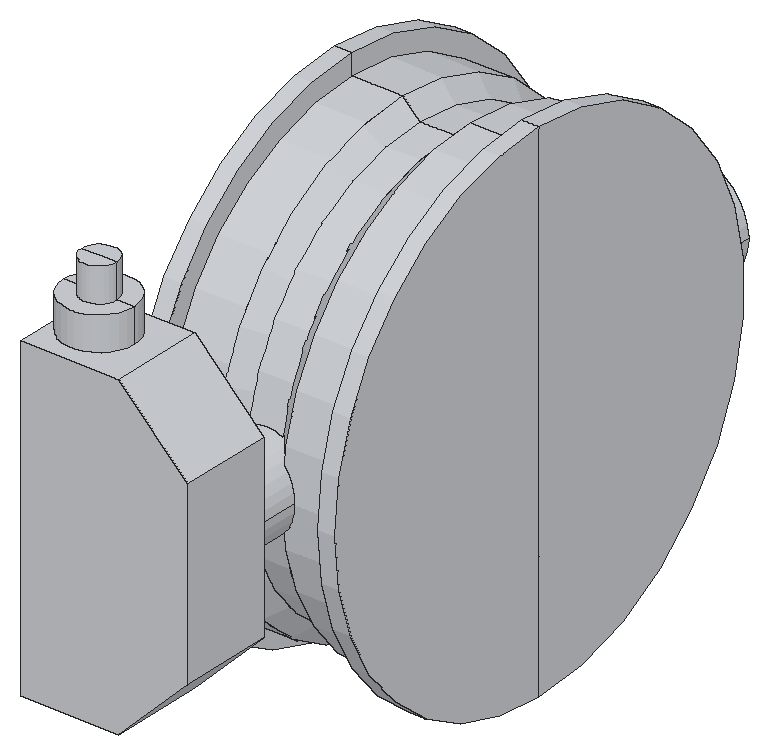
Revit family "86c7bad1a4d74400908681a2ec6c0dc6", category Pipe Accessories, Revit 2021
Family settings
  Round Connector Dimension = Use Radius
  Part Type = Valve - Breaks Into
  OmniClass Number = 23.65.55.14.17
  OmniClass Title = Adjusting/Controlling Valves for Liquid Services
  Work Plane-Based = No
  Always vertical = Yes
  Cut with Voids When Loaded = No
  Shared = No
Parameters (values of type "48"")
  Width 3 = Width 1 / 2  # 12"
  Width 2 = 4"
  Width 1 = Length  # 24"
  Width = 71 3/16"
  Valve Material = none
  URL = ""
  Type Comments = ""
  Radius 1 = Nominal Radius - 51/256"  # 23 205/256"
  Pipe Radius = 1.6 * Nominal Radius  # 38.4"
  Nominal Radius = Nominal Diameter / 2  # 24"
  Nominal Diameter = 48"
  Tick Length = tan(30.00°) * Width 1 / 2  # 6.9282"
  Model = "48\" Mechanical Joint"
  Manufacturer = ""
  Length = 24"
  K Coefficient = 3.48
  Height = 59 7/8"
  Flow = 0 GPM
  Flange Thickness = 2"
  Flange Radius = Flange Diameter / 2  # 29 15/16"
  Flange Diameter = 59 7/8"
  Description = "Groundhog Buried Service Butterfly Valve"
  Default Elevation = 0"
  CALC_G = 27 9/16"
  Bonnet Radius = 0.35 * Length  # 8.4"
  Bonnet Diameter = Bonnet Radius * 2  # 16.8"
  B = 37 1/8"
  Assembly Code = ""
  Actuator Displacement (4 1/2 max) [instance] = 0"
  Actuator [instance] = Actuator : MDT-6S
  A = 34 1/16"
Types (14): name | Width 3 | Width 2 | Width 1 | Width | Radius 1 | Pipe Radius | Nominal Radius | Nominal Diameter | Tick Length | Model | Length | Height | Flange Thickness | Flange Radius | Flange Diameter | CALC_G | Bonnet Radius | Bonnet Diameter | B | Actuator | A
  48" | 12" | 4" | 24" | 71 3/16" | 23 205/256" | 38.4" | 24" | 48" | 6.9282" | "48\" Mechanical Joint" | 24" | 59 7/8" | 2" | 29 15/16" | 59 7/8" | 27 9/16" | 8.4" | 16.8" | 37 1/8" | Actuator : MDT-6S | 34 1/16"
  42" | 11" | 4" | 22" | 62 3/4" | 20 205/256" | 33.6" | 21" | 42" | 6.35085" | "42\" Mechanical Joint" | 22" | 53" | 2" | 26 1/2" | 53" | 24 1/8" | 7.7" | 15.4" | 32 7/8" | Actuator : MDT-6S | 29 7/8"
  36" | 11" | 4" | 22" | 53 11/16" | 17 205/256" | 28.8" | 18" | 36" | 6.35085" | "36\" Mechanical Joint" | 22" | 45 7/8" | 2" | 22 15/16" | 45 7/8" | 20 13/16" | 7.7" | 15.4" | 28 1/4" | Actuator : MDT-5S | 25 7/16"
  30" | 9" | 4" | 18" | 45 7/8" | 14 205/256" | 24" | 15" | 30" | 5.19615" | "30\" Mechanical Joint" | 18" | 39" | 1 13/16" | 19 1/2" | 39" | 17 3/8" | 6.3" | 12.6" | 24 3/8" | Actuator : MDT-5S | 21 1/2"
  24" | 6 5/8" | 3 7/16" | 13 1/4" | 37 1/4" | 11 205/256" | 19.2" | 12" | 24" | 3.82495" | "24\" Mechanical Joint" | 13 1/4" | 31 9/16" | 1 5/8" | 15 25/32" | 31 9/16" | 14 7/32" | 4.6375" | 9.275" | 18 5/8" | Actuator : MDT-5S | 18 5/8"
  20" | 6 1/4" | 3 1/2" | 12 1/2" | 33" | 9 205/256" | 16" | 10" | 20" | 3.60844" | "20\" Mechanical Joint" | 12 1/2" | 27 3/32" | 1 1/2" | 13 35/64" | 27 3/32" | 11 61/64" | 4 3/8" | 8 3/4" | 17" | Actuator : MDT-5 | 16"
  18" | 6 1/8" | 3 1/2" | 12 1/4" | 29 3/4" | 8 205/256" | 14.4" | 9" | 18" | 3.53627" | "18\" Mechanical Joint" | 12 1/4" | 24 11/16" | 1 3/8" | 12 11/32" | 24 11/16" | 10 29/32" | 4.2875" | 8.575" | 15 3/8" | Actuator : MDT-5 | 14 3/8"
  16" | 6" | 3 1/2" | 12" | 28" | 7 205/256" | 12.8" | 8" | 16" | 3.4641" | "16\" Mechanical Joint" | 12" | 22 9/16" | 1 3/8" | 11 9/32" | 22 9/16" | 9 23/32" | 4.2" | 8.4" | 14 1/2" | Actuator : MDT-4S | 13 1/2"
  14" | 5 3/4" | 3 1/2" | 11 1/2" | 24 5/8" | 6 205/256" | 11.2" | 7" | 14" | 3.31976" | "14\" Mechanical Joint" | 11 1/2" | 20 5/16" | 1 5/16" | 10 5/32" | 20 5/16" | 8 19/32" | 4.025" | 8.05" | 12 3/4" | Actuator : MDT-4S | 11 7/8"
  12" | 4 5/8" | 2 1/2" | 9 1/4" | 21 7/8" | 5 205/256" | 9.6" | 6" | 12" | 2.67024" | "12\" Mechanical Joint" | 9 1/4" | 17 15/16" | 1 1/4" | 8 31/32" | 17 15/16" | 7 9/32" | 3.2375" | 6.475" | 11 3/8" | Actuator : MDT-4S | 10 1/2"
  10" | 4 5/8" | 2 1/2" | 9 1/4" | 18 3/4" | 4 205/256" | 8" | 5" | 10" | 2.67024" | "10\" Mechanical Joint" | 9 1/4" | 15 9/16" | 1 3/16" | 7 25/32" | 15 9/16" | 6 7/32" | 3.2375" | 6.475" | 9 3/4" | Actuator : MDT-3S | 9"
  8" | 4 5/16" | 2 1/2" | 8 5/8" | 14 1/4" | 3 205/256" | 6.4" | 4" | 8" | 2.48982" | "8\" Mechanical Joint" | 8 5/8" | 13 1/4" | 1 1/8" | 6 5/8" | 13 1/4" | 5 1/8" | 3.01875" | 6.0375" | 6 1/2" | Actuator : MDT-3S | 7 3/4"
  6" | 4 1/4" | 2 1/2" | 8 1/2" | 11 5/8" | 2 205/256" | 4.8" | 3" | 6" | 2.45374" | "6\" Mechanical Joint" | 8 1/2" | 11" | 1 1/16" | 5 1/2" | 11" | 4" | 2.975" | 5.95" | 5 1/8" | Actuator : MDT-2S | 6 1/2"
  4" | 4 1/16" | 2 1/2" | 8 1/8" | 9" | 1 205/256" | 3.2" | 2" | 4" | 2.34549" | "4\" Mechanical Joint" | 8 1/8" | 9" | 1" | 4 1/2" | 9" | 3" | 2 27/32" | 5 11/16" | 3 1/2" | Actuator : MDT-2S | 5 1/2"
Reference planes (in)
  plane 1 "Center (Front/Back)": y = 0
  plane 2: z = 0
  plane 3 "Center (Left/Right)": x = 0
  plane 4 "Left": x = -12
  plane 5 "Right": x = 12
  plane 6: x = -8
  plane 7: x = 8
  plane 8: y = 6.9282
  plane 9 "Flange Top": z = 29.9375
  plane 10 "Actuator Inside": y = -34.0625
  plane 11: y = -34.0625
  plane 12 "inside flange left": x = -10
  plane 13 "inside flange right": x = 10
  plane 14: x = -4
  plane 15: x = 4
  plane 16: z = 27.5625
  plane 17 "B": y = 37.125
  plane 18: y = -6.9282
  plane 19 "Section Tick Reference Top": z = 6.9282
  plane 20 "Section Tick Reference Bottom": z = -6.9282
Forms (in)
  Extrusion 1, solid, not visible, detail levels fine
    sketch origin (0, 0, 0) x (0, 1, 0) y (0, 0, 1)
      loop
        circle (0, 0) r 38.4
    from -12 to 12
  Revolve 2, solid, material <- "Valve Material", detail levels fine
    sketch origin (0, 0, 0) x (1, 0, 0) y (0, 0, 1)
      loop
        line (-12, 0) -> (12, 0) -> (12, 29.9375) -> (10, 29.9375) -> (10, 27.5625) -> (4, 27.5625) -> (2, 25.5625) -> (-2, 25.5625) -> (-4, 27.5625) -> (-10, 27.5625) -> (-10, 29.9375) -> (-12, 29.9375) -> (-12, 0)
      axis (-12, 0) -> (12, 0)
    angle from 0 to 360
  Revolve 3, solid, material <- "Valve Material", detail levels fine
    sketch origin (0, 0, 0) x (1, 0, 0) y (0, 1, 0)
      loop
        line (6.775, 37.125) -> (0, 37.125) -> (0, -34.5625) -> (6.775, -34.5625) -> (6.775, -34.0625) -> (5.275, -34.0625) -> (5.275, 35.9375) -> (6.775, 35.9375) -> (6.775, 37.125)
      axis (0, 37.125) -> (0, -34.5625)
    angle from 0 to 360
Lines and regions (in)
  model lines, detail levels coarse+medium
    curve 1: line (-12, -6.9282, 0) -> (-12, 6.9282, 0)
    curve 2: line (-12, 6.9282, 0) -> (12, -6.9282, 0)
    curve 3: line (12, -6.9282, 0) -> (12, 6.9282, 0)
    curve 4: circle (0, 0, 0) r 8.4 normal (0, 0, 1)
Dimensions and locks (in)
  "Width 3": plane 4 "Left" to plane 3 "Center (Left/Right)"
  "Width 3": plane 3 "Center (Left/Right)" to plane 5 "Right"
  "Width 2": plane 7 to plane 5 "Right"
  "Width 2": plane 4 "Left" to plane 6
  "Tick Length": plane 8 to plane 1 "Center (Front/Back)"
  "Flange Radius": plane 9 "Flange Top" to plane 2
  "Actuator Displacement (4 1/2 max)": plane 11 to plane 10 "Actuator Inside"
  "A": plane 1 "Center (Front/Back)" to plane 11
  "Flange Thickness": plane 4 "Left" to plane 12 "inside flange left"
  "Flange Thickness": plane 13 "inside flange right" to plane 5 "Right"
  equal spacing: plane 6, plane 14, plane 3 "Center (Left/Right)"
  equal spacing: plane 3 "Center (Left/Right)", plane 15, plane 7
  "CALC_G": plane 16 to plane 2
  equal spacing: plane 3 "Center (Left/Right)", Revolve 2 sketch curve, plane 14
  "B": plane 1 "Center (Front/Back)" to plane 17 "B"
  locked: Revolve 3 sketch curve to nested 2 at 0.225
  locked: Revolve 3 sketch curve to Revolve 3 sketch curve at 1.5  (x2)
  locked: plane 17 "B" to Revolve 3 sketch curve at 1.1875
  "Tick Length": plane 18 to plane 1 "Center (Front/Back)"
  "Tick Length": plane 19 "Section Tick Reference Top" to level
  "Tick Length": level to plane 20 "Section Tick Reference Bottom"
  locked: plane 10 "Actuator Inside" to Revolve 3 sketch curve at 0.5
  "Pipe Radius": radius of Extrusion 1 sketch curve
  "Bonnet Radius": radius of curve 4
  locked: Revolve 2 sketch curve to plane 16 (angle 45.00°)
  locked: plane 16 to Revolve 2 sketch curve (angle 45.00°)
  aligned and locked: plane 1 "Center (Front/Back)" to Extrusion 1 sketch curve
  aligned and locked: plane 2 to Extrusion 1 sketch curve
  aligned and locked: Extrusion 1 to plane 4 "Left"
  aligned and locked: plane 5 "Right" to Extrusion 1
  aligned and locked: plane 3 "Center (Left/Right)" to nested 1
  aligned and locked: plane 1 "Center (Front/Back)" to nested 1
  aligned and locked: plane 3 "Center (Left/Right)" to curve 4
  aligned and locked: plane 1 "Center (Front/Back)" to curve 4
  aligned and locked: Revolve 2 sketch curve to plane 9 "Flange Top"  (x2)
  aligned and locked: Revolve 2 sketch curve to plane 16  (x2)
  aligned and locked: Revolve 2 sketch curve to plane 12 "inside flange left"
  aligned and locked: Revolve 2 sketch curve to plane 13 "inside flange right"
  aligned and locked: Revolve 2 sketch curve to plane 2
  aligned and locked: Revolve 2 sketch curve to Revolve 2 sketch curve
  aligned and locked: nested 2 to plane 10 "Actuator Inside"
  aligned and locked: nested 2 to plane 3 "Center (Left/Right)"
  aligned and locked: Revolve 3 sketch curve to plane 3 "Center (Left/Right)"
  aligned and locked: Revolve 3 sketch curve to Revolve 3 sketch curve
  aligned and locked: plane 11 to Revolve 3 sketch curve
  aligned and locked: plane 17 "B" to Revolve 3 sketch curve
  aligned and locked: plane 18 to curve 3
  aligned and locked: plane 18 to curve 1
Automatic sketch dimensions
  curve 1 to plane 4 "Left" = 0"
  curve 3 to plane 5 "Right" = 0"
  curve 3 to plane 8 = 0"
  curve 2 to plane 8 = 0"
  Revolve 3 sketch curve to Revolve 3 sketch curve = 7 13/16"
  Revolve 3 sketch curve to Revolve 3 sketch curve = 1.275"
  Revolve 2 sketch curve to plane 4 "Left" = 0"
  Revolve 2 sketch curve to plane 14 = 0"
  plane 15 to Revolve 2 sketch curve = 0"
  Revolve 2 sketch curve to plane 5 "Right" = 0"
  Revolve 2 sketch curve to plane 4 "Left" = 11 9/16"
  plane 5 "Right" to Revolve 2 sketch curve = 3 3/4"
Nested families (in)
  nested 1: "Butterfly Valve - Detail Component" at (0, 0, 0), type "Butterfly Valve - Detail Component", detail levels coarse+medium
  nested 2: "Actuator" at (0, -34.0625, 0), type <- "Actuator", type "MDT-6S"
Connectors (in)
  piping at (-12, 0, 0), diameter 48, driven by "Nominal Radius", driven by "K Coefficient", driven by "Flow"
    settings: on Extrusion 1, index 1, connector inside diameter 48", connector length 0", flow factor 0, pipe flow 0 GPM, pressure drop 0.00 psi, fitting loss kfactor 3.48, connector angle 0.00°, fixture units 0, engagement length 0", angle of deflection 0.00°, flow configuration 0, flow direction 0, fitting loss method 2, system type 29, joint type 0, gender type 0, connector reference index 2, connector utility 0, adjustable connector no, is connector primary yes, connector description ""
  piping at (12, 0, 0), diameter 48, driven by "K Coefficient", driven by "Nominal Radius", driven by "Flow"
    settings: on Extrusion 1, index 2, connector inside diameter 48", connector length 0", flow factor 0, pipe flow 0 GPM, pressure drop 0.00 psi, fitting loss kfactor 3.48, connector angle 0.00°, fixture units 0, engagement length 0", angle of deflection 0.00°, flow configuration 0, flow direction 0, fitting loss method 2, system type 29, joint type 0, gender type 0, connector reference index 1, connector utility 0, adjustable connector no, is connector primary no, connector description ""
Definition of nested family "Actuator"
  Parameters
    Type Comments = ""  # constant formula
    R = 26 1/2"
    Q = 18 5/8"
    P = 12 5/8"
    N Half = N / 2  # 4 1/8"
    N = 8 1/4"
    Model = "MDT-6S"
    Manufacturer = "Henry Pratt Company"
    Default Elevation = 0"
    CALC_Edge = (P - N) / 4  # 1 3/32"
    M = 7"
    L = 5 1/16"
    J = 11 1/8"
    Description = "Groundhog Buried Service Butterfly Valve Actuator"
    Actuator Material = none
  Reference planes (in)
    plane 1 "Center (Front/Back)": y = 0
    plane 2: z = 0
    plane 3 "Center (Left/Right)": x = 0
    plane 4 "Right": x = 7
    plane 5 "Nut": x = -8.25
    plane 6 "Left": x = -12.625
    plane 7 "Top": z = 26.5
    plane 8 "Bottom": z = -18.625
    plane 9 "Nut vertical": y = -5.0625
    plane 10 "Actuator Outside": y = -11.125
    plane 11 "Bottom nut": z = -19.0625
    plane 12: x = -1.09375
    plane 13: z = 18.625
    plane 14: x = -12.375
  Forms (in)
    Extrusion 1, solid, material <- "Actuator Material", detail levels fine
      sketch origin (0, 0, 0) x (1, 0, 0) y (0, 0, 1)
        loop
          line (7, -10.53125) -> (7, 10.53125) -> (-1.09375, 18.625) -> (-12.625, 18.625) -> (-12.625, -18.625) -> (-1.09375, -18.625) -> (7, -10.53125)
      from 0 to 11.125
    Revolve 2, solid, material <- "Actuator Material", detail levels fine
      sketch origin (0, -5.0625, 0) x (-1, 0, 0) y (0, 0, 1)
        loop
          line (12.375, 18.625) -> (12.375, 22.5625) -> (10.3125, 22.5625) -> (10.3125, 26.5) -> (8.25, 26.5) -> (8.25, 18.625) -> (12.375, 18.625)
        loop
          line (12.375, -18.625) -> (8.25, -18.625) -> (8.25, -19.0625) -> (12.375, -19.0625) -> (12.375, -18.625)
        axis (8.25, 26.5) -> (8.25, -19.0625)
      angle from 0 to 360
  Dimensions and locks (in)
    "M": plane 4 "Right" to plane 3 "Center (Left/Right)"
    "N": plane 3 "Center (Left/Right)" to plane 5 "Nut"
    "P": plane 3 "Center (Left/Right)" to plane 6 "Left"
    "R": plane 7 "Top" to plane 2
    "Q": plane 2 to plane 8 "Bottom"
    "L": plane 1 "Center (Front/Back)" to plane 9 "Nut vertical"
    "J": plane 1 "Center (Front/Back)" to plane 10 "Actuator Outside"
    locked: plane 8 "Bottom" to plane 11 "Bottom nut" at 0.4375
    "CALC_Edge": plane 3 "Center (Left/Right)" to plane 12
    "Q": plane 13 to plane 2
    "N Half": plane 5 "Nut" to plane 14
    equal spacing: plane 5 "Nut", Revolve 2 sketch curve, plane 14
    equal spacing: plane 7 "Top", Revolve 2 sketch curve, plane 13
    locked: Extrusion 1 sketch curve to plane 13 (angle 45.00°)
    locked: plane 8 "Bottom" to Extrusion 1 sketch curve (angle 45.00°)
    aligned and locked: Extrusion 1 to plane 10 "Actuator Outside"
    aligned and locked: Extrusion 1 to plane 1 "Center (Front/Back)"
    aligned and locked: Revolve 2 sketch curve to plane 5 "Nut"
    aligned and locked: Revolve 2 sketch curve to Revolve 2 sketch curve  (x2)
  Automatic sketch dimensions
    Extrusion 1 sketch curve to plane 6 "Left" = 0"
    Extrusion 1 sketch curve to plane 12 = 0"  (x2)
    Extrusion 1 sketch curve to plane 8 "Bottom" = 0"
    Extrusion 1 sketch curve to plane 4 "Right" = 0"
    Extrusion 1 sketch curve to plane 13 = 0"
    Revolve 2 sketch curve to plane 8 "Bottom" = 0"
    Revolve 2 sketch curve to plane 14 = 0"  (x2)
    Revolve 2 sketch curve to plane 13 = 0"
    Revolve 2 sketch curve to plane 11 "Bottom nut" = 0"
    Revolve 2 sketch curve to plane 7 "Top" = 0"
    Revolve 2 sketch curve to level = 6 5/8"
    level to Revolve 2 sketch curve = 8 3/8"
Definition of nested family "Butterfly Valve - Detail Component"
  Parameters
    Radius = 25"
  Reference planes (in)
    plane 1 "Center (Front/Back)": y = 0
    plane 2: z = 0
    plane 3 "Center (Left/Right)": x = 0
  Lines and regions (in)
    Filled region 1, type "Concrete Block", in view "Ref. Level"
      outline origin (0, 0, 0) x (1, 0, 0) y (0, 1, 0)
        loop
          circle (0, 0) r 25
  Dimensions and locks (in)
    "Radius": radius of Filled region 1 sketch curve
    aligned and locked: plane 3 "Center (Left/Right)" to Filled region 1 sketch curve
    aligned and locked: plane 1 "Center (Front/Back)" to Filled region 1 sketch curve
